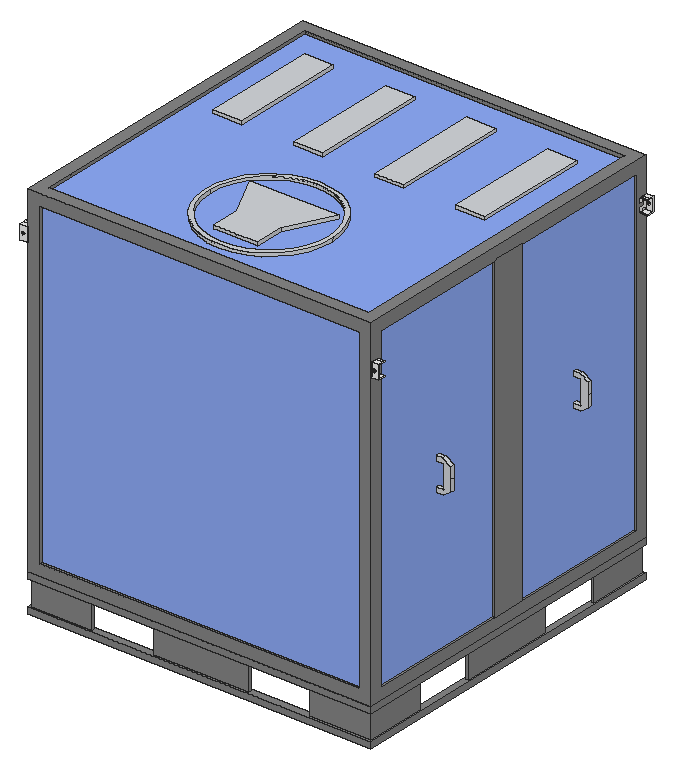
Revit family "11. Секция шумоглушения ANR H1", category Оборудование, Revit 2016 (continued)
Definition of nested family "УГО шумоглушитель №35у (разрез)"
  Lines and regions (mm)
    model lines, not visible
      curve 116: line (-77.337, 0, 1703.044) -> (442.663, 0, 1703.044)
      curve 117: line (-77.337, 0, 1583.044) -> (-77.337, 0, 1703.044)
      curve 118: line (442.663, 0, 1583.044) -> (-77.337, 0, 1583.044)
      curve 119: line (442.663, 0, 1703.044) -> (442.663, 0, 1583.044)
      curve 128: line (-77.337, 0, 1923.044) -> (442.663, 0, 1923.044)
      curve 129: line (-77.337, 0, 1803.044) -> (-77.337, 0, 1923.044)
      curve 130: line (442.663, 0, 1803.044) -> (-77.337, 0, 1803.044)
      curve 131: line (442.663, 0, 1923.044) -> (442.663, 0, 1803.044)
      curve 132: line (-77.337, 0, 2143.044) -> (442.663, 0, 2143.044)
      curve 133: line (-77.337, 0, 2023.044) -> (-77.337, 0, 2143.044)
      curve 134: line (442.663, 0, 2023.044) -> (-77.337, 0, 2023.044)
      curve 135: line (442.663, 0, 2143.044) -> (442.663, 0, 2023.044)
  Dimensions and locks
    equal spacing: plane 5, plane 3 "По центру (Влево/Вправо)", plane 6
    "длина": plane 5 to plane 6
    "высота": plane 4 to level
    equal spacing: plane 4, plane 7, plane 2
    aligned and locked: level to plane 2
  Automatic sketch dimensions
    curve 3 to plane 4 = 0 mm
    curve 3 to plane 6 = 0 mm
    curve 3 to plane 5 = 0 mm
    curve 1 to level = 0 mm
    curve 6 to curve 8 = 45 mm
    curve 10 to curve 11 = 45 mm
    curve 11 to curve 5 = 13.447 mm
    curve 7 to curve 8 = 55.716 mm
    curve 8 to curve 56 = 192.759 mm
    curve 12 to curve 125 = 192.759 mm
    curve 125 to curve 122 = 0 mm
    curve 57 to curve 60 = 0 mm
    curve 121 to curve 110 = 0 mm
    curve 61 to curve 64 = 0 mm
    curve 109 to curve 106 = 0 mm
    curve 65 to curve 68 = 0 mm
    curve 12 to curve 88 = 192.759 mm
    curve 98 to curve 88 = 0 mm
    curve 89 to curve 91 = 520 mm
    curve 96 to curve 88 = 0 mm
    curve 69 to curve 71 = 520 mm
    curve 104 to curve 96 = 0 mm
    curve 67 to curve 68 = 0 mm
    curve 108 to curve 104 = 0 mm
    curve 63 to curve 64 = 0 mm
    curve 120 to curve 108 = 0 mm
    curve 59 to curve 60 = 0 mm
    curve 124 to curve 120 = 0 mm
    curve 69 to curve 69 = 120 mm
    curve 68 to curve 67 = 100 mm
    curve 65 to curve 65 = 120 mm
    curve 64 to curve 61 = 100 mm
    curve 62 to curve 63 = 120 mm
    curve 60 to curve 58 = 100 mm
    curve 57 to curve 56 = 120 mm
    curve 56 to curve 9 = 218.181 mm
    curve 8 to curve 7 = 33.477 mm
    curve 7 to curve 5 = 35 mm
    curve 6 to curve 10 = 35 mm
    curve 9 to curve 5 = 0 mm
    curve 56 to curve 90 = 100 mm
    curve 5 to curve 11 = 35 mm
    curve 11 to curve 12 = 33.477 mm
    curve 90 to curve 88 = 120 mm
    curve 88 to curve 98 = 100 mm
    curve 97 to curve 96 = 120 mm
    curve 96 to curve 107 = 100 mm
    curve 106 to curve 104 = 120 mm
    curve 104 to curve 110 = 100 mm
    curve 109 to curve 108 = 120 mm
    curve 108 to curve 123 = 100 mm
    curve 122 to curve 120 = 120 mm
    curve 120 to curve 126 = 100 mm
    curve 125 to curve 124 = 120 mm
    curve 48 to curve 50 = 45 mm
    curve 52 to curve 53 = 45 mm
    curve 53 to curve 47 = 13.447 mm
    curve 49 to curve 50 = 55.716 mm
    curve 50 to curve 72 = 192.759 mm
    curve 54 to curve 133 = 192.759 mm
    curve 133 to curve 130 = 0 mm
    curve 73 to curve 76 = 0 mm
    curve 129 to curve 118 = 0 mm
    curve 77 to curve 80 = 0 mm
    curve 117 to curve 114 = 0 mm
    curve 81 to curve 84 = 0 mm
    curve 54 to curve 92 = 192.759 mm
    curve 102 to curve 92 = 0 mm
    curve 93 to curve 95 = 520 mm
    curve 100 to curve 92 = 0 mm
    curve 85 to curve 87 = 520 mm
    curve 112 to curve 100 = 0 mm
    curve 83 to curve 84 = 0 mm
    curve 116 to curve 112 = 0 mm
    curve 79 to curve 80 = 0 mm
    curve 128 to curve 116 = 0 mm
    curve 75 to curve 76 = 0 mm
    curve 132 to curve 128 = 0 mm
    curve 85 to curve 85 = 120 mm
    curve 84 to curve 83 = 100 mm
    curve 81 to curve 81 = 120 mm
    curve 80 to curve 77 = 100 mm
    curve 78 to curve 79 = 120 mm
    curve 76 to curve 74 = 100 mm
    curve 73 to curve 72 = 120 mm
    curve 72 to curve 51 = 218.181 mm
    curve 50 to curve 49 = 33.477 mm
    curve 49 to curve 47 = 35 mm
    curve 48 to curve 52 = 35 mm
    curve 51 to curve 47 = 0 mm
    curve 72 to curve 94 = 100 mm
    curve 47 to curve 53 = 35 mm
    curve 53 to curve 54 = 33.477 mm
    curve 94 to curve 92 = 120 mm
    curve 92 to curve 102 = 100 mm
    curve 101 to curve 100 = 120 mm
    curve 100 to curve 115 = 100 mm
    curve 114 to curve 112 = 120 mm
    curve 112 to curve 118 = 100 mm
    curve 117 to curve 116 = 120 mm
    curve 116 to curve 131 = 100 mm
    curve 130 to curve 128 = 120 mm
    curve 128 to curve 134 = 100 mm
    curve 133 to curve 132 = 120 mm
    radius of curve 5 = 90 mm
    radius of curve 47 = 90 mm
Definition of nested family "УГО шумоглушитель №40у (разрез)"
  Parameters (values of type "УГО шумоглушитель №40у (разрез)")
    длина [instance] = 1000 mm
    высота [instance] = 3300 mm
    Ширина [instance] = 410 mm
    Частота вращения n, об/мин = ""
    Тип, марка, обозначение = ""
    Сила тока J, А = ""
    Раздел = ""
    Примечание = ""
    Позиция = ""
    Default Elevation = 1219.2 mm
    Напряжение U,В = ""
    Наименование и тех.хар-ка = ""
    Мощность двигателя N,Вт = ""
    Материал = none
    Масса единицы = ""
    Код, оборудования = ""
    Keynote = ""
    Завод изготовитель = ""
    Единица измерения = ""
    Диаметр = 110 mm
  Reference planes
    plane 1 "По центру (Вперед/Назад)": y = 0
    plane 2: z = 0
    plane 3 "По центру (Влево/Вправо)": x = 0
    plane 4: z = 3300
    plane 5: x = 500
    plane 6: x = -500
    plane 7: z = 1650
  Lines and regions (mm)
    model lines
      curve 1: line (-500, 0, 0) -> (500, 0, 0)
      curve 2: line (-500, 0, 3300) -> (-500, 0, 0)
      curve 3: line (500, 0, 3300) -> (-500, 0, 3300)
      curve 4: line (500, 0, 0) -> (500, 0, 3300)
      curve 5: circle (-327.364, 0, 1709.703) r 90 normal (0, -1, 0)
      curve 6: line (-385.812, 0, 1709.703) -> (-385.812, 0, 1674.703)
      curve 7: line (-385.812, 0, 1674.703) -> (-340.812, 0, 1674.703)
      curve 8: line (-340.812, 0, 1674.703) -> (-285.096, 0, 1641.226)
      curve 9: line (-285.096, 0, 1641.226) -> (-285.096, 0, 1709.703)
      curve 10: line (-385.812, 0, 1709.703) -> (-385.812, 0, 1744.703)
      curve 11: line (-385.812, 0, 1744.703) -> (-340.812, 0, 1744.703)
      curve 12: line (-340.812, 0, 1744.703) -> (-285.096, 0, 1778.18)
      curve 13: line (-285.096, 0, 1778.18) -> (-285.096, 0, 1709.703)
      curve 56: line (-92.337, 0, 1423.044) -> (427.663, 0, 1423.044)
      curve 57: line (-92.337, 0, 1303.044) -> (-92.337, 0, 1423.044)
      curve 58: line (427.663, 0, 1303.044) -> (-92.337, 0, 1303.044)
      curve 59: line (427.663, 0, 1423.044) -> (427.663, 0, 1303.044)
      curve 60: line (-92.337, 0, 1203.044) -> (427.663, 0, 1203.044)
      curve 61: line (-92.337, 0, 1083.044) -> (-92.337, 0, 1203.044)
      curve 62: line (427.663, 0, 1083.044) -> (-92.337, 0, 1083.044)
      curve 63: line (427.663, 0, 1203.044) -> (427.663, 0, 1083.044)
      curve 64: line (-92.337, 0, 983.044) -> (427.663, 0, 983.044)
      curve 65: line (-92.337, 0, 863.044) -> (-92.337, 0, 983.044)
      curve 66: line (427.663, 0, 863.044) -> (-92.337, 0, 863.044)
      curve 67: line (427.663, 0, 983.044) -> (427.663, 0, 863.044)
      curve 68: line (-92.337, 0, 763.044) -> (427.663, 0, 763.044)
      curve 69: line (-92.337, 0, 643.044) -> (-92.337, 0, 763.044)
      curve 70: line (427.663, 0, 643.044) -> (-92.337, 0, 643.044)
      curve 71: line (427.663, 0, 763.044) -> (427.663, 0, 643.044)
      curve 88: line (-92.337, 0, 1643.044) -> (427.663, 0, 1643.044)
      curve 89: line (-92.337, 0, 1523.044) -> (-92.337, 0, 1643.044)
      curve 90: line (427.663, 0, 1523.044) -> (-92.337, 0, 1523.044)
      curve 91: line (427.663, 0, 1643.044) -> (427.663, 0, 1523.044)
      curve 96: line (-92.337, 0, 1863.044) -> (427.663, 0, 1863.044)
      curve 97: line (-92.337, 0, 1743.044) -> (-92.337, 0, 1863.044)
      curve 98: line (427.663, 0, 1743.044) -> (-92.337, 0, 1743.044)
      curve 99: line (427.663, 0, 1863.044) -> (427.663, 0, 1743.044)
      curve 104: line (-92.337, 0, 2083.044) -> (427.663, 0, 2083.044)
      curve 105: line (-92.337, 0, 1963.044) -> (-92.337, 0, 2083.044)
      curve 106: line (427.663, 0, 1963.044) -> (-92.337, 0, 1963.044)
      curve 107: line (427.663, 0, 2083.044) -> (427.663, 0, 1963.044)
      curve 108: line (-92.337, 0, 2303.044) -> (427.663, 0, 2303.044)
      curve 109: line (-92.337, 0, 2183.044) -> (-92.337, 0, 2303.044)
      curve 110: line (427.663, 0, 2183.044) -> (-92.337, 0, 2183.044)
      curve 111: line (427.663, 0, 2303.044) -> (427.663, 0, 2183.044)
      curve 120: line (-92.337, 0, 2523.044) -> (427.663, 0, 2523.044)
      curve 121: line (-92.337, 0, 2403.044) -> (-92.337, 0, 2523.044)
      curve 122: line (427.663, 0, 2403.044) -> (-92.337, 0, 2403.044)
      curve 123: line (427.663, 0, 2523.044) -> (427.663, 0, 2403.044)
      curve 124: line (-92.337, 0, 2743.044) -> (427.663, 0, 2743.044)
      curve 125: line (-92.337, 0, 2623.044) -> (-92.337, 0, 2743.044)
      curve 126: line (427.663, 0, 2623.044) -> (-92.337, 0, 2623.044)
      curve 127: line (427.663, 0, 2743.044) -> (427.663, 0, 2623.044)
    model lines, not visible
      curve 14: line (-155.067, 0, 325.022) -> (464.933, 0, 325.022)
      curve 15: line (-155.067, 0, 305.022) -> (-155.067, 0, 325.022)
      curve 16: line (464.933, 0, 305.022) -> (-155.067, 0, 305.022)
      curve 17: line (464.933, 0, 325.022) -> (464.933, 0, 305.022)
      curve 18: line (-155.067, 0, 275.022) -> (464.933, 0, 275.022)
      curve 19: line (-155.067, 0, 255.022) -> (-155.067, 0, 275.022)
      curve 20: line (464.933, 0, 255.022) -> (-155.067, 0, 255.022)
      curve 21: line (464.933, 0, 275.022) -> (464.933, 0, 255.022)
      curve 22: line (-155.067, 0, 220.022) -> (464.933, 0, 220.022)
      curve 23: line (-155.067, 0, 200.022) -> (-155.067, 0, 220.022)
      curve 24: line (464.933, 0, 200.022) -> (-155.067, 0, 200.022)
      curve 25: line (464.933, 0, 220.022) -> (464.933, 0, 200.022)
      curve 26: line (-155.067, 0, 24.978) -> (464.933, 0, 24.978)
      curve 27: line (-155.067, 0, 44.978) -> (-155.067, 0, 24.978)
      curve 28: line (464.933, 0, 44.978) -> (-155.067, 0, 44.978)
      curve 29: line (464.933, 0, 24.978) -> (464.933, 0, 44.978)
      curve 30: line (-155.067, 0, 74.978) -> (464.933, 0, 74.978)
      curve 31: line (-155.067, 0, 94.978) -> (-155.067, 0, 74.978)
      curve 32: line (464.933, 0, 94.978) -> (-155.067, 0, 94.978)
      curve 33: line (464.933, 0, 74.978) -> (464.933, 0, 94.978)
      curve 34: line (-155.067, 0, 129.978) -> (464.933, 0, 129.978)
      curve 35: line (-155.067, 0, 149.978) -> (-155.067, 0, 129.978)
      curve 36: line (464.933, 0, 149.978) -> (-155.067, 0, 149.978)
      curve 37: line (464.933, 0, 129.978) -> (464.933, 0, 149.978)
      curve 38: circle (-331.553, 0, 175) r 90 normal (0, -1, 0)
      curve 39: line (-390, 0, 175) -> (-390, 0, 140)
      curve 40: line (-390, 0, 140) -> (-345, 0, 140)
      curve 41: line (-345, 0, 140) -> (-289.284, 0, 106.523)
      curve 42: line (-289.284, 0, 106.523) -> (-289.284, 0, 175)
      curve 43: line (-390, 0, 175) -> (-390, 0, 210)
      curve 44: line (-390, 0, 210) -> (-345, 0, 210)
      curve 45: line (-345, 0, 210) -> (-289.284, 0, 243.477)
      curve 46: line (-289.284, 0, 243.477) -> (-289.284, 0, 175)
      curve 47: circle (-312.364, 0, 1109.703) r 90 normal (0, -1, 0)
      curve 48: line (-370.812, 0, 1109.703) -> (-370.812, 0, 1074.703)
      curve 49: line (-370.812, 0, 1074.703) -> (-325.812, 0, 1074.703)
      curve 50: line (-325.812, 0, 1074.703) -> (-270.096, 0, 1041.226)
      curve 51: line (-270.096, 0, 1041.226) -> (-270.096, 0, 1109.703)
      curve 52: line (-370.812, 0, 1109.703) -> (-370.812, 0, 1144.703)
      curve 53: line (-370.812, 0, 1144.703) -> (-325.812, 0, 1144.703)
      curve 54: line (-325.812, 0, 1144.703) -> (-270.096, 0, 1178.18)
      curve 55: line (-270.096, 0, 1178.18) -> (-270.096, 0, 1109.703)
      curve 72: line (-77.337, 0, 823.044) -> (442.663, 0, 823.044)
      curve 73: line (-77.337, 0, 703.044) -> (-77.337, 0, 823.044)
      curve 74: line (442.663, 0, 703.044) -> (-77.337, 0, 703.044)
      curve 75: line (442.663, 0, 823.044) -> (442.663, 0, 703.044)
      curve 76: line (-77.337, 0, 603.044) -> (442.663, 0, 603.044)
      curve 77: line (-77.337, 0, 483.044) -> (-77.337, 0, 603.044)
      curve 78: line (442.663, 0, 483.044) -> (-77.337, 0, 483.044)
      curve 79: line (442.663, 0, 603.044) -> (442.663, 0, 483.044)
      curve 80: line (-77.337, 0, 383.044) -> (442.663, 0, 383.044)
      curve 81: line (-77.337, 0, 263.044) -> (-77.337, 0, 383.044)
      curve 82: line (442.663, 0, 263.044) -> (-77.337, 0, 263.044)
      curve 83: line (442.663, 0, 383.044) -> (442.663, 0, 263.044)
      curve 84: line (-77.337, 0, 163.044) -> (442.663, 0, 163.044)
      curve 85: line (-77.337, 0, 43.044) -> (-77.337, 0, 163.044)
      curve 86: line (442.663, 0, 43.044) -> (-77.337, 0, 43.044)
      curve 87: line (442.663, 0, 163.044) -> (442.663, 0, 43.044)
      curve 92: line (-77.337, 0, 1043.044) -> (442.663, 0, 1043.044)
      curve 93: line (-77.337, 0, 923.044) -> (-77.337, 0, 1043.044)
      curve 94: line (442.663, 0, 923.044) -> (-77.337, 0, 923.044)
      curve 95: line (442.663, 0, 1043.044) -> (442.663, 0, 923.044)
      curve 100: line (-77.337, 0, 1263.044) -> (442.663, 0, 1263.044)
      curve 101: line (-77.337, 0, 1143.044) -> (-77.337, 0, 1263.044)
      curve 102: line (442.663, 0, 1143.044) -> (-77.337, 0, 1143.044)
      curve 103: line (442.663, 0, 1263.044) -> (442.663, 0, 1143.044)
      curve 112: line (-77.337, 0, 1483.044) -> (442.663, 0, 1483.044)
      curve 113: line (-77.337, 0, 1363.044) -> (-77.337, 0, 1483.044)
      curve 114: line (442.663, 0, 1363.044) -> (-77.337, 0, 1363.044)
      curve 115: line (442.663, 0, 1483.044) -> (442.663, 0, 1363.044)
      curve 116: line (-77.337, 0, 1703.044) -> (442.663, 0, 1703.044)
      curve 117: line (-77.337, 0, 1583.044) -> (-77.337, 0, 1703.044)
      curve 118: line (442.663, 0, 1583.044) -> (-77.337, 0, 1583.044)
      curve 119: line (442.663, 0, 1703.044) -> (442.663, 0, 1583.044)
      curve 128: line (-77.337, 0, 1923.044) -> (442.663, 0, 1923.044)
      curve 129: line (-77.337, 0, 1803.044) -> (-77.337, 0, 1923.044)
      curve 130: line (442.663, 0, 1803.044) -> (-77.337, 0, 1803.044)
      curve 131: line (442.663, 0, 1923.044) -> (442.663, 0, 1803.044)
      curve 132: line (-77.337, 0, 2143.044) -> (442.663, 0, 2143.044)
      curve 133: line (-77.337, 0, 2023.044) -> (-77.337, 0, 2143.044)
      curve 134: line (442.663, 0, 2023.044) -> (-77.337, 0, 2023.044)
      curve 135: line (442.663, 0, 2143.044) -> (442.663, 0, 2023.044)
  Dimensions and locks
    equal spacing: plane 5, plane 3 "По центру (Влево/Вправо)", plane 6
    "длина": plane 5 to plane 6
    "высота": plane 4 to level
    equal spacing: plane 4, plane 7, plane 2
    aligned and locked: level to plane 2
  Automatic sketch dimensions
    curve 3 to plane 4 = 0 mm
    curve 3 to plane 6 = 0 mm
    curve 3 to plane 5 = 0 mm
    curve 1 to level = 0 mm
    curve 6 to curve 8 = 45 mm
    curve 10 to curve 11 = 45 mm
    curve 11 to curve 5 = 13.447 mm
    curve 7 to curve 8 = 55.716 mm
    curve 8 to curve 56 = 192.759 mm
    curve 12 to curve 125 = 192.759 mm
    curve 125 to curve 122 = 0 mm
    curve 57 to curve 60 = 0 mm
    curve 121 to curve 110 = 0 mm
    curve 61 to curve 64 = 0 mm
    curve 109 to curve 106 = 0 mm
    curve 65 to curve 68 = 0 mm
    curve 12 to curve 88 = 192.759 mm
    curve 98 to curve 88 = 0 mm
    curve 89 to curve 91 = 520 mm
    curve 96 to curve 88 = 0 mm
    curve 69 to curve 71 = 520 mm
    curve 104 to curve 96 = 0 mm
    curve 67 to curve 68 = 0 mm
    curve 108 to curve 104 = 0 mm
    curve 63 to curve 64 = 0 mm
    curve 120 to curve 108 = 0 mm
    curve 59 to curve 60 = 0 mm
    curve 124 to curve 120 = 0 mm
    curve 69 to curve 69 = 120 mm
    curve 68 to curve 67 = 100 mm
    curve 65 to curve 65 = 120 mm
    curve 64 to curve 61 = 100 mm
    curve 62 to curve 63 = 120 mm
    curve 60 to curve 58 = 100 mm
    curve 57 to curve 56 = 120 mm
    curve 56 to curve 9 = 218.181 mm
    curve 8 to curve 7 = 33.477 mm
    curve 7 to curve 5 = 35 mm
    curve 6 to curve 10 = 35 mm
    curve 9 to curve 5 = 0 mm
    curve 56 to curve 90 = 100 mm
    curve 5 to curve 11 = 35 mm
    curve 11 to curve 12 = 33.477 mm
    curve 90 to curve 88 = 120 mm
    curve 88 to curve 98 = 100 mm
    curve 97 to curve 96 = 120 mm
    curve 96 to curve 107 = 100 mm
    curve 106 to curve 104 = 120 mm
    curve 104 to curve 110 = 100 mm
    curve 109 to curve 108 = 120 mm
    curve 108 to curve 123 = 100 mm
    curve 122 to curve 120 = 120 mm
    curve 120 to curve 126 = 100 mm
    curve 125 to curve 124 = 120 mm
    curve 48 to curve 50 = 45 mm
    curve 52 to curve 53 = 45 mm
    curve 53 to curve 47 = 13.447 mm
    curve 49 to curve 50 = 55.716 mm
    curve 50 to curve 72 = 192.759 mm
    curve 54 to curve 133 = 192.759 mm
    curve 133 to curve 130 = 0 mm
    curve 73 to curve 76 = 0 mm
    curve 129 to curve 118 = 0 mm
    curve 77 to curve 80 = 0 mm
    curve 117 to curve 114 = 0 mm
    curve 81 to curve 84 = 0 mm
    curve 54 to curve 92 = 192.759 mm
    curve 102 to curve 92 = 0 mm
    curve 93 to curve 95 = 520 mm
    curve 100 to curve 92 = 0 mm
    curve 85 to curve 87 = 520 mm
    curve 112 to curve 100 = 0 mm
    curve 83 to curve 84 = 0 mm
    curve 116 to curve 112 = 0 mm
    curve 79 to curve 80 = 0 mm
    curve 128 to curve 116 = 0 mm
    curve 75 to curve 76 = 0 mm
    curve 132 to curve 128 = 0 mm
    curve 85 to curve 85 = 120 mm
    curve 84 to curve 83 = 100 mm
    curve 81 to curve 81 = 120 mm
    curve 80 to curve 77 = 100 mm
    curve 78 to curve 79 = 120 mm
    curve 76 to curve 74 = 100 mm
    curve 73 to curve 72 = 120 mm
    curve 72 to curve 51 = 218.181 mm
    curve 50 to curve 49 = 33.477 mm
    curve 49 to curve 47 = 35 mm
    curve 48 to curve 52 = 35 mm
    curve 51 to curve 47 = 0 mm
    curve 72 to curve 94 = 100 mm
    curve 47 to curve 53 = 35 mm
    curve 53 to curve 54 = 33.477 mm
    curve 94 to curve 92 = 120 mm
    curve 92 to curve 102 = 100 mm
    curve 101 to curve 100 = 120 mm
    curve 100 to curve 115 = 100 mm
    curve 114 to curve 112 = 120 mm
    curve 112 to curve 118 = 100 mm
    curve 117 to curve 116 = 120 mm
    curve 116 to curve 131 = 100 mm
    curve 130 to curve 128 = 120 mm
    curve 128 to curve 134 = 100 mm
    curve 133 to curve 132 = 120 mm
    radius of curve 5 = 90 mm
    radius of curve 47 = 90 mm
Definition of nested family "УГО шумоглушитель №45у (разрез)"
  Parameters (values of type "УГО шумоглушитель №45у (разрез)")
    длина [instance] = 1000 mm
    высота [instance] = 4050 mm
    Ширина [instance] = 410 mm
    Частота вращения n, об/мин = ""
    Тип, марка, обозначение = ""
    Сила тока J, А = ""
    Раздел = ""
    Примечание = ""
    Позиция = ""
    Default Elevation = 1219.2 mm
    Напряжение U,В = ""
    Наименование и тех.хар-ка = ""
    Мощность двигателя N,Вт = ""
    Материал = none
    Масса единицы = ""
    Код, оборудования = ""
    Keynote = ""
    Завод изготовитель = ""
    Единица измерения = ""
    Диаметр = 110 mm
  Reference planes
    plane 1 "По центру (Вперед/Назад)": y = 0
    plane 2: z = 0
    plane 3 "По центру (Влево/Вправо)": x = 0
    plane 4: z = 4050
    plane 5: x = 500
    plane 6: x = -500
    plane 7: z = 2025
  Lines and regions (mm)
    model lines
      curve 1: line (-500, 0, 0) -> (500, 0, 0)
      curve 2: line (-500, 0, 4050) -> (-500, 0, 0)
      curve 3: line (500, 0, 4050) -> (-500, 0, 4050)
      curve 4: line (500, 0, 0) -> (500, 0, 4050)
      curve 5: circle (-327.364, 0, 2218.044) r 90 normal (0, -1, 0)
      curve 6: line (-385.812, 0, 2218.044) -> (-385.812, 0, 2183.044)
      curve 7: line (-385.812, 0, 2183.044) -> (-340.812, 0, 2183.044)
      curve 8: line (-340.812, 0, 2183.044) -> (-285.096, 0, 2149.567)
      curve 9: line (-285.096, 0, 2149.567) -> (-285.096, 0, 2218.044)
      curve 10: line (-385.812, 0, 2218.044) -> (-385.812, 0, 2253.044)
      curve 11: line (-385.812, 0, 2253.044) -> (-340.812, 0, 2253.044)
      curve 12: line (-340.812, 0, 2253.044) -> (-285.096, 0, 2286.522)
      curve 13: line (-285.096, 0, 2286.522) -> (-285.096, 0, 2218.044)
      curve 56: line (-92.337, 0, 1103.044) -> (427.663, 0, 1103.044)
      curve 57: line (-92.337, 0, 983.044) -> (-92.337, 0, 1103.044)
      curve 58: line (427.663, 0, 983.044) -> (-92.337, 0, 983.044)
      curve 59: line (427.663, 0, 1103.044) -> (427.663, 0, 983.044)
      curve 60: line (-92.337, 0, 883.044) -> (427.663, 0, 883.044)
      curve 61: line (-92.337, 0, 763.044) -> (-92.337, 0, 883.044)
      curve 62: line (427.663, 0, 763.044) -> (-92.337, 0, 763.044)
      curve 63: line (427.663, 0, 883.044) -> (427.663, 0, 763.044)
      curve 64: line (-92.337, 0, 663.044) -> (427.663, 0, 663.044)
      curve 65: line (-92.337, 0, 543.044) -> (-92.337, 0, 663.044)
      curve 66: line (427.663, 0, 543.044) -> (-92.337, 0, 543.044)
      curve 67: line (427.663, 0, 663.044) -> (427.663, 0, 543.044)
      curve 68: line (-92.337, 0, 443.044) -> (427.663, 0, 443.044)
      curve 69: line (-92.337, 0, 323.044) -> (-92.337, 0, 443.044)
      curve 70: line (427.663, 0, 323.044) -> (-92.337, 0, 323.044)
      curve 71: line (427.663, 0, 443.044) -> (427.663, 0, 323.044)
      curve 88: line (-92.337, 0, 1323.044) -> (427.663, 0, 1323.044)
      curve 89: line (-92.337, 0, 1203.044) -> (-92.337, 0, 1323.044)
      curve 90: line (427.663, 0, 1203.044) -> (-92.337, 0, 1203.044)
      curve 91: line (427.663, 0, 1323.044) -> (427.663, 0, 1203.044)
      curve 96: line (-92.337, 0, 1543.044) -> (427.663, 0, 1543.044)
      curve 97: line (-92.337, 0, 1423.044) -> (-92.337, 0, 1543.044)
      curve 98: line (427.663, 0, 1423.044) -> (-92.337, 0, 1423.044)
      curve 99: line (427.663, 0, 1543.044) -> (427.663, 0, 1423.044)
      curve 104: line (-92.337, 0, 1763.044) -> (427.663, 0, 1763.044)
      curve 105: line (-92.337, 0, 1643.044) -> (-92.337, 0, 1763.044)
      curve 106: line (427.663, 0, 1643.044) -> (-92.337, 0, 1643.044)
      curve 107: line (427.663, 0, 1763.044) -> (427.663, 0, 1643.044)
      curve 108: line (-92.337, 0, 1983.044) -> (427.663, 0, 1983.044)
      curve 109: line (-92.337, 0, 1863.044) -> (-92.337, 0, 1983.044)
      curve 110: line (427.663, 0, 1863.044) -> (-92.337, 0, 1863.044)
      curve 111: line (427.663, 0, 1983.044) -> (427.663, 0, 1863.044)
      curve 120: line (-92.337, 0, 2203.044) -> (427.663, 0, 2203.044)
      curve 121: line (-92.337, 0, 2083.044) -> (-92.337, 0, 2203.044)
      curve 122: line (427.663, 0, 2083.044) -> (-92.337, 0, 2083.044)
      curve 123: line (427.663, 0, 2203.044) -> (427.663, 0, 2083.044)
      curve 124: line (-92.337, 0, 2423.044) -> (427.663, 0, 2423.044)
      curve 125: line (-92.337, 0, 2303.044) -> (-92.337, 0, 2423.044)
      curve 126: line (427.663, 0, 2303.044) -> (-92.337, 0, 2303.044)
      curve 127: line (427.663, 0, 2423.044) -> (427.663, 0, 2303.044)
      curve 136: line (-92.337, 0, 2643.044) -> (427.663, 0, 2643.044)
      curve 137: line (-92.337, 0, 2523.044) -> (-92.337, 0, 2643.044)
      curve 138: line (427.663, 0, 2523.044) -> (-92.337, 0, 2523.044)
      curve 139: line (427.663, 0, 2643.044) -> (427.663, 0, 2523.044)
      curve 140: line (-92.337, 0, 2863.044) -> (427.663, 0, 2863.044)
      curve 141: line (-92.337, 0, 2743.044) -> (-92.337, 0, 2863.044)
      curve 142: line (427.663, 0, 2743.044) -> (-92.337, 0, 2743.044)
      curve 143: line (427.663, 0, 2863.044) -> (427.663, 0, 2743.044)
      curve 144: line (-92.337, 0, 3083.044) -> (427.663, 0, 3083.044)
      curve 145: line (-92.337, 0, 2963.044) -> (-92.337, 0, 3083.044)
      curve 146: line (427.663, 0, 2963.044) -> (-92.337, 0, 2963.044)
      curve 147: line (427.663, 0, 3083.044) -> (427.663, 0, 2963.044)
      curve 148: line (-92.337, 0, 3303.044) -> (427.663, 0, 3303.044)
      curve 149: line (-92.337, 0, 3183.044) -> (-92.337, 0, 3303.044)
      curve 150: line (427.663, 0, 3183.044) -> (-92.337, 0, 3183.044)
      curve 151: line (427.663, 0, 3303.044) -> (427.663, 0, 3183.044)
      curve 152: line (-92.337, 0, 3523.044) -> (427.663, 0, 3523.044)
      curve 153: line (-92.337, 0, 3403.044) -> (-92.337, 0, 3523.044)
      curve 154: line (427.663, 0, 3403.044) -> (-92.337, 0, 3403.044)
      curve 155: line (427.663, 0, 3523.044) -> (427.663, 0, 3403.044)
      curve 156: line (-92.337, 0, 3743.044) -> (427.663, 0, 3743.044)
      curve 157: line (-92.337, 0, 3623.044) -> (-92.337, 0, 3743.044)
      curve 158: line (427.663, 0, 3623.044) -> (-92.337, 0, 3623.044)
      curve 159: line (427.663, 0, 3743.044) -> (427.663, 0, 3623.044)
    model lines, not visible
      curve 14: line (-155.067, 0, 325.022) -> (464.933, 0, 325.022)
      curve 15: line (-155.067, 0, 305.022) -> (-155.067, 0, 325.022)
      curve 16: line (464.933, 0, 305.022) -> (-155.067, 0, 305.022)
      curve 17: line (464.933, 0, 325.022) -> (464.933, 0, 305.022)
      curve 18: line (-155.067, 0, 275.022) -> (464.933, 0, 275.022)
      curve 19: line (-155.067, 0, 255.022) -> (-155.067, 0, 275.022)
      curve 20: line (464.933, 0, 255.022) -> (-155.067, 0, 255.022)
      curve 21: line (464.933, 0, 275.022) -> (464.933, 0, 255.022)
      curve 22: line (-155.067, 0, 220.022) -> (464.933, 0, 220.022)
      curve 23: line (-155.067, 0, 200.022) -> (-155.067, 0, 220.022)
      curve 24: line (464.933, 0, 200.022) -> (-155.067, 0, 200.022)
      curve 25: line (464.933, 0, 220.022) -> (464.933, 0, 200.022)
      curve 26: line (-155.067, 0, 24.978) -> (464.933, 0, 24.978)
      curve 27: line (-155.067, 0, 44.978) -> (-155.067, 0, 24.978)
      curve 28: line (464.933, 0, 44.978) -> (-155.067, 0, 44.978)
      curve 29: line (464.933, 0, 24.978) -> (464.933, 0, 44.978)
      curve 30: line (-155.067, 0, 74.978) -> (464.933, 0, 74.978)
      curve 31: line (-155.067, 0, 94.978) -> (-155.067, 0, 74.978)
      curve 32: line (464.933, 0, 94.978) -> (-155.067, 0, 94.978)
      curve 33: line (464.933, 0, 74.978) -> (464.933, 0, 94.978)
      curve 34: line (-155.067, 0, 129.978) -> (464.933, 0, 129.978)
      curve 35: line (-155.067, 0, 149.978) -> (-155.067, 0, 129.978)
      curve 36: line (464.933, 0, 149.978) -> (-155.067, 0, 149.978)
      curve 37: line (464.933, 0, 129.978) -> (464.933, 0, 149.978)
      curve 38: circle (-331.553, 0, 175) r 90 normal (0, -1, 0)
      curve 39: line (-390, 0, 175) -> (-390, 0, 140)
      curve 40: line (-390, 0, 140) -> (-345, 0, 140)
      curve 41: line (-345, 0, 140) -> (-289.284, 0, 106.523)
      curve 42: line (-289.284, 0, 106.523) -> (-289.284, 0, 175)
      curve 43: line (-390, 0, 175) -> (-390, 0, 210)
      curve 44: line (-390, 0, 210) -> (-345, 0, 210)
      curve 45: line (-345, 0, 210) -> (-289.284, 0, 243.477)
      curve 46: line (-289.284, 0, 243.477) -> (-289.284, 0, 175)
      curve 47: circle (-312.364, 0, 1938.044) r 90 normal (0, -1, 0)
      curve 48: line (-370.812, 0, 1938.044) -> (-370.812, 0, 1903.044)
      curve 49: line (-370.812, 0, 1903.044) -> (-325.812, 0, 1903.044)
      curve 50: line (-325.812, 0, 1903.044) -> (-270.096, 0, 1869.567)
      curve 51: line (-270.096, 0, 1869.567) -> (-270.096, 0, 1938.044)
      curve 52: line (-370.812, 0, 1938.044) -> (-370.812, 0, 1973.044)
      curve 53: line (-370.812, 0, 1973.044) -> (-325.812, 0, 1973.044)
      curve 54: line (-325.812, 0, 1973.044) -> (-270.096, 0, 2006.522)
      curve 55: line (-270.096, 0, 2006.522) -> (-270.096, 0, 1938.044)
      curve 72: line (-77.337, 0, 823.044) -> (442.663, 0, 823.044)
      curve 73: line (-77.337, 0, 703.044) -> (-77.337, 0, 823.044)
      curve 74: line (442.663, 0, 703.044) -> (-77.337, 0, 703.044)
      curve 75: line (442.663, 0, 823.044) -> (442.663, 0, 703.044)
      curve 76: line (-77.337, 0, 603.044) -> (442.663, 0, 603.044)
      curve 77: line (-77.337, 0, 483.044) -> (-77.337, 0, 603.044)
      curve 78: line (442.663, 0, 483.044) -> (-77.337, 0, 483.044)
      curve 79: line (442.663, 0, 603.044) -> (442.663, 0, 483.044)
      curve 80: line (-77.337, 0, 383.044) -> (442.663, 0, 383.044)
      curve 81: line (-77.337, 0, 263.044) -> (-77.337, 0, 383.044)
      curve 82: line (442.663, 0, 263.044) -> (-77.337, 0, 263.044)
      curve 83: line (442.663, 0, 383.044) -> (442.663, 0, 263.044)
      curve 84: line (-77.337, 0, 163.044) -> (442.663, 0, 163.044)
      curve 85: line (-77.337, 0, 43.044) -> (-77.337, 0, 163.044)
      curve 86: line (442.663, 0, 43.044) -> (-77.337, 0, 43.044)
      curve 87: line (442.663, 0, 163.044) -> (442.663, 0, 43.044)
      curve 92: line (-77.337, 0, 1043.044) -> (442.663, 0, 1043.044)
      curve 93: line (-77.337, 0, 923.044) -> (-77.337, 0, 1043.044)
      curve 94: line (442.663, 0, 923.044) -> (-77.337, 0, 923.044)
      curve 95: line (442.663, 0, 1043.044) -> (442.663, 0, 923.044)
      curve 100: line (-77.337, 0, 1263.044) -> (442.663, 0, 1263.044)
      curve 101: line (-77.337, 0, 1143.044) -> (-77.337, 0, 1263.044)
      curve 102: line (442.663, 0, 1143.044) -> (-77.337, 0, 1143.044)
      curve 103: line (442.663, 0, 1263.044) -> (442.663, 0, 1143.044)
      curve 112: line (-77.337, 0, 1483.044) -> (442.663, 0, 1483.044)
      curve 113: line (-77.337, 0, 1363.044) -> (-77.337, 0, 1483.044)
      curve 114: line (442.663, 0, 1363.044) -> (-77.337, 0, 1363.044)
      curve 115: line (442.663, 0, 1483.044) -> (442.663, 0, 1363.044)
      curve 116: line (-77.337, 0, 1703.044) -> (442.663, 0, 1703.044)
      curve 117: line (-77.337, 0, 1583.044) -> (-77.337, 0, 1703.044)
      curve 118: line (442.663, 0, 1583.044) -> (-77.337, 0, 1583.044)
      curve 119: line (442.663, 0, 1703.044) -> (442.663, 0, 1583.044)
      curve 128: line (-77.337, 0, 1923.044) -> (442.663, 0, 1923.044)
      curve 129: line (-77.337, 0, 1803.044) -> (-77.337, 0, 1923.044)
      curve 130: line (442.663, 0, 1803.044) -> (-77.337, 0, 1803.044)
      curve 131: line (442.663, 0, 1923.044) -> (442.663, 0, 1803.044)
      curve 132: line (-77.337, 0, 2143.044) -> (442.663, 0, 2143.044)
      curve 133: line (-77.337, 0, 2023.044) -> (-77.337, 0, 2143.044)
      curve 134: line (442.663, 0, 2023.044) -> (-77.337, 0, 2023.044)
      curve 135: line (442.663, 0, 2143.044) -> (442.663, 0, 2023.044)
      curve 160: line (-77.337, 0, 2363.044) -> (442.663, 0, 2363.044)
      curve 161: line (-77.337, 0, 2243.044) -> (-77.337, 0, 2363.044)
      curve 162: line (442.663, 0, 2243.044) -> (-77.337, 0, 2243.044)
      curve 163: line (442.663, 0, 2363.044) -> (442.663, 0, 2243.044)
      curve 164: line (-77.337, 0, 2583.044) -> (442.663, 0, 2583.044)
      curve 165: line (-77.337, 0, 2463.044) -> (-77.337, 0, 2583.044)
      curve 166: line (442.663, 0, 2463.044) -> (-77.337, 0, 2463.044)
      curve 167: line (442.663, 0, 2583.044) -> (442.663, 0, 2463.044)
      curve 168: line (-77.337, 0, 2803.044) -> (442.663, 0, 2803.044)
      curve 169: line (-77.337, 0, 2683.044) -> (-77.337, 0, 2803.044)
      curve 170: line (442.663, 0, 2683.044) -> (-77.337, 0, 2683.044)
      curve 171: line (442.663, 0, 2803.044) -> (442.663, 0, 2683.044)
      curve 172: line (-77.337, 0, 3023.044) -> (442.663, 0, 3023.044)
      curve 173: line (-77.337, 0, 2903.044) -> (-77.337, 0, 3023.044)
      curve 174: line (442.663, 0, 2903.044) -> (-77.337, 0, 2903.044)
      curve 175: line (442.663, 0, 3023.044) -> (442.663, 0, 2903.044)
      curve 176: line (-77.337, 0, 3243.044) -> (442.663, 0, 3243.044)
      curve 177: line (-77.337, 0, 3123.044) -> (-77.337, 0, 3243.044)
      curve 178: line (442.663, 0, 3123.044) -> (-77.337, 0, 3123.044)
      curve 179: line (442.663, 0, 3243.044) -> (442.663, 0, 3123.044)
      curve 180: line (-77.337, 0, 3463.044) -> (442.663, 0, 3463.044)
      curve 181: line (-77.337, 0, 3343.044) -> (-77.337, 0, 3463.044)
      curve 182: line (442.663, 0, 3343.044) -> (-77.337, 0, 3343.044)
      curve 183: line (442.663, 0, 3463.044) -> (442.663, 0, 3343.044)
  Dimensions and locks
    equal spacing: plane 5, plane 3 "По центру (Влево/Вправо)", plane 6
    "длина": plane 5 to plane 6
    "высота": plane 4 to level
    equal spacing: plane 4, plane 7, plane 2
    aligned and locked: level to plane 2
  Automatic sketch dimensions
    curve 3 to plane 4 = 0 mm
    curve 3 to plane 6 = 0 mm
    curve 3 to plane 5 = 0 mm
    curve 1 to level = 0 mm
    curve 6 to curve 8 = 45 mm
    curve 10 to curve 11 = 45 mm
    curve 11 to curve 5 = 13.447 mm
    curve 7 to curve 8 = 55.716 mm
    curve 8 to curve 56 = 192.759 mm
    curve 57 to curve 60 = 0 mm
    curve 61 to curve 64 = 0 mm
    curve 157 to curve 154 = 0 mm
    curve 65 to curve 68 = 0 mm
    curve 153 to curve 150 = 0 mm
    curve 8 to curve 88 = 192.759 mm
    curve 149 to curve 146 = 0 mm
    curve 12 to curve 96 = 192.759 mm
    curve 145 to curve 142 = 0 mm
    curve 104 to curve 96 = 0 mm
    curve 141 to curve 138 = 0 mm
    curve 108 to curve 104 = 0 mm
    curve 120 to curve 108 = 0 mm
    curve 126 to curve 120 = 0 mm
    curve 121 to curve 123 = 520 mm
    curve 124 to curve 120 = 0 mm
    curve 122 to curve 111 = 0 mm
    curve 136 to curve 124 = 0 mm
    curve 110 to curve 107 = 0 mm
    curve 140 to curve 136 = 0 mm
    curve 106 to curve 99 = 0 mm
    curve 144 to curve 140 = 0 mm
    curve 98 to curve 91 = 0 mm
    curve 148 to curve 144 = 0 mm
    curve 69 to curve 71 = 520 mm
    curve 152 to curve 148 = 0 mm
    curve 67 to curve 68 = 0 mm
    curve 156 to curve 152 = 0 mm
    curve 63 to curve 64 = 0 mm
    curve 59 to curve 60 = 0 mm
    curve 69 to curve 69 = 120 mm
    curve 68 to curve 66 = 100 mm
    curve 66 to curve 67 = 120 mm
    curve 64 to curve 61 = 100 mm
    curve 61 to curve 61 = 120 mm
    curve 60 to curve 57 = 100 mm
    curve 57 to curve 57 = 120 mm
    curve 56 to curve 91 = 100 mm
    curve 89 to curve 9 = 946.523 mm
    curve 89 to curve 88 = 120 mm
    curve 8 to curve 6 = 33.477 mm
    curve 7 to curve 9 = 35 mm
    curve 6 to curve 10 = 35 mm
    curve 7 to curve 5 = 35 mm
    curve 88 to curve 98 = 100 mm
    curve 5 to curve 11 = 35 mm
    curve 11 to curve 12 = 33.477 mm
    curve 98 to curve 96 = 120 mm
    curve 96 to curve 106 = 100 mm
    curve 105 to curve 104 = 120 mm
    curve 104 to curve 111 = 100 mm
    curve 110 to curve 108 = 120 mm
    curve 108 to curve 122 = 100 mm
    curve 121 to curve 120 = 120 mm
    curve 120 to curve 126 = 100 mm
    curve 125 to curve 125 = 120 mm
    curve 124 to curve 139 = 100 mm
    curve 138 to curve 136 = 120 mm
    curve 136 to curve 142 = 100 mm
    curve 141 to curve 140 = 120 mm
    curve 140 to curve 146 = 100 mm
    curve 145 to curve 145 = 120 mm
    curve 144 to curve 150 = 100 mm
    curve 149 to curve 149 = 120 mm
    curve 148 to curve 155 = 100 mm
    curve 154 to curve 152 = 120 mm
    curve 152 to curve 159 = 100 mm
    curve 158 to curve 156 = 120 mm
    curve 157 to curve 156 = 520 mm
    curve 48 to curve 50 = 45 mm
    curve 52 to curve 53 = 45 mm
    curve 53 to curve 47 = 13.447 mm
    curve 49 to curve 50 = 55.716 mm
    curve 50 to curve 72 = 192.759 mm
    curve 73 to curve 76 = 0 mm
    curve 77 to curve 80 = 0 mm
    curve 181 to curve 178 = 0 mm
    curve 81 to curve 84 = 0 mm
    curve 177 to curve 174 = 0 mm
    curve 50 to curve 92 = 192.759 mm
    curve 173 to curve 170 = 0 mm
    curve 54 to curve 100 = 192.759 mm
    curve 169 to curve 166 = 0 mm
    curve 112 to curve 100 = 0 mm
    curve 165 to curve 162 = 0 mm
    curve 116 to curve 112 = 0 mm
    curve 128 to curve 116 = 0 mm
    curve 134 to curve 128 = 0 mm
    curve 129 to curve 131 = 520 mm
    curve 132 to curve 128 = 0 mm
    curve 130 to curve 119 = 0 mm
    curve 160 to curve 132 = 0 mm
    curve 118 to curve 115 = 0 mm
    curve 164 to curve 160 = 0 mm
    curve 114 to curve 103 = 0 mm
    curve 168 to curve 164 = 0 mm
    curve 102 to curve 95 = 0 mm
    curve 172 to curve 168 = 0 mm
    curve 85 to curve 87 = 520 mm
    curve 176 to curve 172 = 0 mm
    curve 83 to curve 84 = 0 mm
    curve 180 to curve 176 = 0 mm
    curve 79 to curve 80 = 0 mm
    curve 75 to curve 76 = 0 mm
    curve 85 to curve 85 = 120 mm
    curve 84 to curve 82 = 100 mm
    curve 82 to curve 83 = 120 mm
    curve 80 to curve 77 = 100 mm
    curve 77 to curve 77 = 120 mm
    curve 76 to curve 73 = 100 mm
    curve 73 to curve 73 = 120 mm
    curve 72 to curve 95 = 100 mm
    curve 93 to curve 51 = 946.523 mm
    curve 93 to curve 92 = 120 mm
    curve 50 to curve 48 = 33.477 mm
    curve 49 to curve 51 = 35 mm
    curve 48 to curve 52 = 35 mm
    curve 49 to curve 47 = 35 mm
    curve 92 to curve 102 = 100 mm
    curve 47 to curve 53 = 35 mm
    curve 53 to curve 54 = 33.477 mm
    curve 102 to curve 100 = 120 mm
    curve 100 to curve 114 = 100 mm
    curve 113 to curve 112 = 120 mm
    curve 112 to curve 119 = 100 mm
    curve 118 to curve 116 = 120 mm
    curve 116 to curve 130 = 100 mm
    curve 129 to curve 128 = 120 mm
    curve 128 to curve 134 = 100 mm
    curve 133 to curve 133 = 120 mm
    curve 132 to curve 163 = 100 mm
    curve 162 to curve 160 = 120 mm
    curve 160 to curve 166 = 100 mm
    curve 165 to curve 164 = 120 mm
    curve 164 to curve 170 = 100 mm
    curve 169 to curve 169 = 120 mm
    curve 168 to curve 174 = 100 mm
    curve 173 to curve 173 = 120 mm
    curve 172 to curve 179 = 100 mm
    curve 178 to curve 176 = 120 mm
    curve 176 to curve 183 = 100 mm
    curve 182 to curve 180 = 120 mm
    curve 181 to curve 180 = 520 mm
    radius of curve 5 = 90 mm
    radius of curve 47 = 90 mm
Types (10, lengths in mm): name | №8 | №7 | №6 | №45 | №40 | №35 | №30 | №25 | №12 | Ширина | Середина | Высота | Б1 | А1 | А | Б | Тип, марка, обозначение | №20
  ANR 6 H1 | no | no | yes | no | no | no | no | no | no | 1025 | 670 | 1025 | 1080 | 1080 | 1100 | 1100 | "ANR 6 H1" | no
  ANR 7 H1 | no | yes | no | no | no | no | no | no | no | 1025 | 780 | 1245 | 1300 | 1080 | 1100 | 1320 | "ANR 7 H1" | no
  ANR 8 H1 | yes | no | no | no | no | no | no | no | no | 1245 | 780 | 1245 | 1300 | 1300 | 1320 | 1320 | "ANR 8 H1" | no
  ANR 12 H1 | no | no | no | no | no | no | no | no | yes | 1360 | 837.5 | 1360 | 1415 | 1415 | 1435 | 1435 | "ANR 12 H1" | no
  ANR 20 H1 | no | no | no | no | no | no | no | no | no | 1585 | 950 | 1585 | 1640 | 1640 | 1660 | 1660 | "ANR 20 H1" | yes
  ANR 25 H1 | no | no | no | no | no | no | no | yes | no | 1970 | 1142.5 | 1970 | 2025 | 2025 | 2045 | 2045 | "ANR 25 H1" | no
  ANR 30 H1 | no | no | no | no | no | no | yes | no | no | 2410 | 1142.5 | 1970 | 2025 | 2465 | 2485 | 2045 | "ANR 30 H1" | no
  ANR 35 H1 | no | no | no | no | no | yes | no | no | no | 2410 | 1362.5 | 2410 | 2465 | 2465 | 2485 | 2485 | "ANR 35 H1" | no
  ANR 40 H1 | no | no | no | no | yes | no | no | no | no | 3245 | 1780 | 3245 | 3300 | 3300 | 3320 | 3320 | "ANR 40 H1" | no
  ANR 45 H1 | no | no | no | yes | no | no | no | no | no | 3245 | 2165 | 4015 | 4070 | 3300 | 3320 | 4090 | "ANR 45 H1" | no
